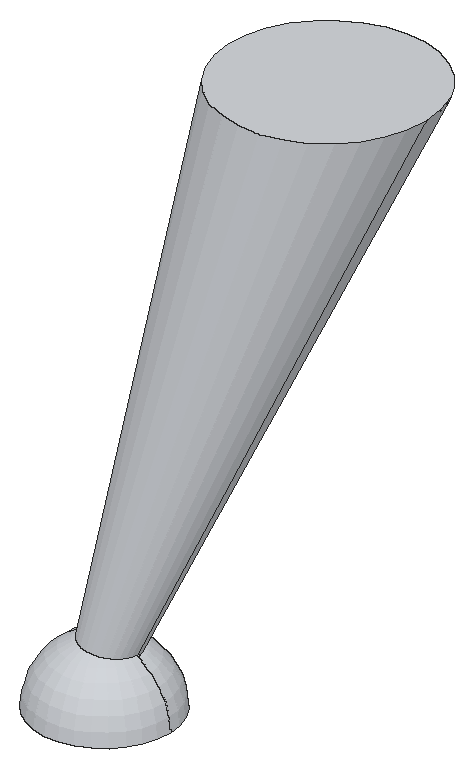
Revit family "Ножка дивана кресла наклонная", category Обобщенные модели, Revit 2017
Family settings
  Может служить основой для арматурных стержней = Нет
  Размер круглого соединителя = Использовать диаметр
  Тип детали = Нормальный
  На основе рабочей плоскости = Нет
  Всегда вертикально = Да
  При загрузке вырезать с полостями = Нет
  Общий = Нет
  Точка расчета площади = Нет
Parameters (values of type "Тип")
  Материал [instance] = none
  Keynote = ""
  Model = ""
Reference planes
  plane 1 "По центру (Вперед/Назад)": y = 0
  plane 2: z = 0
  plane 3 "По центру (Влево/Вправо)": x = 0
  plane 4: through (0, 0, 1200) normal (-0.7071, 0.7071, 0)
  plane 5: y = -56.569
  plane 6: x = -56.569
Forms (mm)
  Blend 1, solid
    base sketch origin (-56.569, -56.569, 0) x (1, 0, 0) y (0, 1, 0)
      loop
        circle (0, 0) r 12
    top sketch origin (-56.569, -56.569, 0) x (1, 0, 0) y (0, 1, 0)
      loop
        circle (56.569, 56.569) r 45
    from 20 to 250
  Revolve 2, solid
    sketch origin (-113.137, -56.569, 1200) x (-1, 0, 0) y (0, 0, 1)
      loop
        line (-56.569, -1200) -> (-26.569, -1200)
        arc (-26.569, -1200) -> (-35.355, -1178.787) -> (-56.569, -1170) r 30
        line (-56.569, -1170) -> (-56.569, -1200)
      axis (-56.569, -1170) -> (-56.569, -1200)
    angle from 0 to 360
Dimensions and locks
  aligned and locked: level to plane 2
